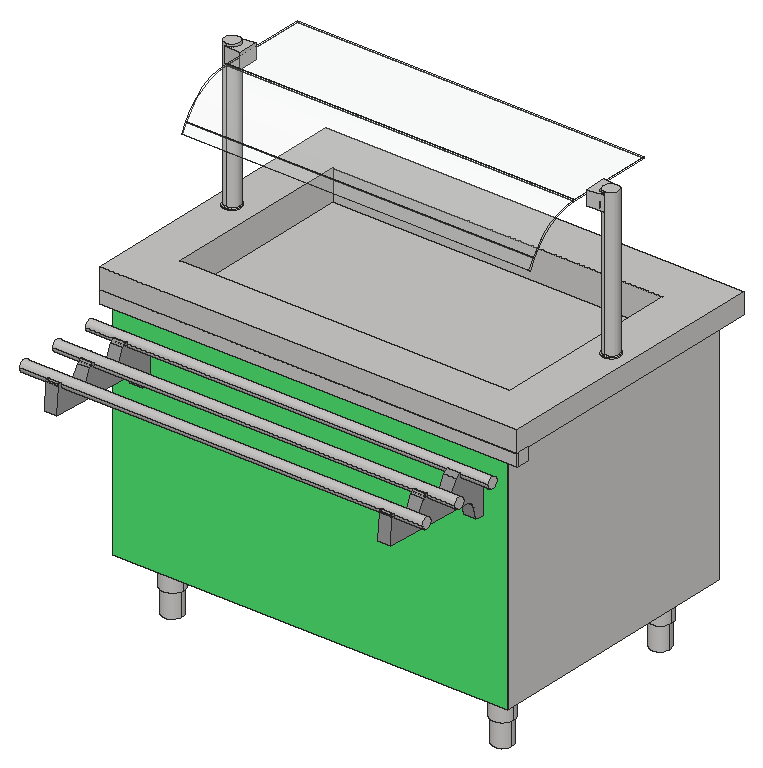
Revit family "QF_BOURGEAT_Self_meuble_cuve_froid_statique_baie_libre_3GN", category Equipement spécialisé, Revit 2015 (continued)
Definition of nested family "barre_et_console"
  Definition of nested family "console"
    Automatic sketch dimensions
      Extrusion 2 sketch curve to Extrusion 2 sketch curve = 0.533 mm
      Extrusion 2 sketch curve to Extrusion 2 sketch curve = 0.511 mm
      Extrusion 2 sketch curve to Extrusion 2 sketch curve = 0.622 mm
      Extrusion 2 sketch curve to Extrusion 2 sketch curve = 4.82 mm
      Extrusion 2 sketch curve to Extrusion 2 sketch curve = 34.82 mm
      Extrusion 2 sketch curve to Extrusion 2 sketch curve = 76.232 mm
      Extrusion 2 sketch curve to Extrusion 2 sketch curve = 37.038 mm
      Extrusion 2 sketch curve to Extrusion 2 sketch curve = 39.239 mm
      Extrusion 2 sketch curve to Extrusion 2 sketch curve = 30.803 mm
      Extrusion 2 sketch curve to Extrusion 2 sketch curve = 34.743 mm
      Extrusion 2 sketch curve to Extrusion 2 sketch curve = 0.23 mm
      Extrusion 2 sketch curve to Extrusion 2 sketch curve = 36.015 mm
      Extrusion 2 sketch curve to Extrusion 2 sketch curve = 2.071 mm
      Extrusion 2 sketch curve to Extrusion 2 sketch curve = 7.575 mm
  Definition of nested family "barre"
    Parameters (values of type "barre")
      lg_barre = 1165 mm
    Reference planes
      plane 1 "Centre (avant/arrière)": y = 0
      plane 2: z = 0
      plane 3 "Centre (gauche/droite)": x = 0
      plane 4: x = 70
      plane 5: x = 190
      plane 6: x = 309
      plane 7: z = 300.963
      plane 8: z = 94.658
      plane 9: y = 0
      plane 10: y = 1165
    Forms (mm)
      Extrusion 1, solid
        sketch origin (0, 0, 0) x (1, 0, 0) y (0, 0, 1)
          loop
            circle (70, 300.963) r 15
          loop
            circle (190, 300.963) r 15
          loop
            circle (309, 300.963) r 15
        from 0 to -1165
    Dimensions and locks
      plane 4 to plane 3 "Centre (gauche/droite)" = 70 mm
      plane 6 to plane 5 to plane 4 = 119 mm, 120 mm
      "lg_barre": plane 10 to plane 1 "Centre (avant/arrière)"
      aligned and locked: level to plane 2
      aligned and locked: Extrusion 1 to plane 9
      aligned and locked: plane 9 to plane 1 "Centre (avant/arrière)"
      aligned and locked: plane 10 to Extrusion 1
    Automatic sketch dimensions
      Extrusion 1 sketch curve to plane 4 = 0 mm
      Extrusion 1 sketch curve to plane 5 = 0 mm
      Extrusion 1 sketch curve to plane 6 = 0 mm
      Extrusion 1 sketch curve to plane 7 = 0 mm  (x3)
      radius of Extrusion 1 sketch curve = 15 mm  (x3)
Types (25, lengths in mm): name | profondeur_cuve | presentoir | etageres | Roues | Puissance électrique  | Poids net à vide | Pieds | Modèle | Intensité nominale
  (no name) | 90 | yes | no | no | 724 W | 215.00 kg | yes | "853093 + 853323" | 3.14783 A
  baie _libre_cuve30 | 30 | no | no | no | 700 W | 200.00 kg | yes | "853033" | 3.04348 A
  baie _libre_cuve90 | 90 | no | no | no | 700 W | 200.00 kg | yes | "853093" | 3.04348 A
  baie _libre_cuve30_presentoir_lampe_fluorecente | 30 | yes | no | no | 724 W | 215.00 kg | yes | "853033 + 853313" | 3.14783 A
  baie _libre_cuve30_presentoir_lampe_LED | 30 | yes | no | no | 724 W | 215.00 kg | yes | "853033 + 853323" | 3.14783 A
  baie _libre_cuve90_presentoir_lampe_fluorecente | 90 | yes | no | no | 724 W | 215.00 kg | yes | "853093 + 853313" | 3.14783 A
  baie _libre_cuve90_presentoir_lampe_LED | 90 | yes | no | no | 724 W | 215.00 kg | yes | "853093 + 853323" | 3.14783 A
  baie _libre_cuve30_roues | 30 | no | no | yes | 700 W | 200.00 kg | no | "853033 + 854950" | 3.04348 A
  baie _libre_cuve90_roues | 90 | no | no | yes | 700 W | 200.00 kg | no | "853093 + 854950" | 3.04348 A
  baie _libre_cuve30_etageres | 30 | no | yes | no | 700 W | 200.00 kg | yes | "853033 + 854913" | 3.04348 A
  baie _libre_cuve90_etageres | 90 | no | yes | no | 700 W | 200.00 kg | yes | "853093 + 854913" | 3.04348 A
  baie _libre_cuve30_presentoir_lampe_fluorecente_etageres | 30 | yes | yes | no | 724 W | 215.00 kg | yes | "853033 + 853313 + 854913" | 3.14783 A
  baie _libre_cuve30_presentoir_lampe_LED_etageres | 30 | yes | yes | no | 724 W | 215.00 kg | yes | "853033 + 853323 +854913" | 3.14783 A
  baie _libre_cuve90_presentoir_lampe_fluorecente_etageres | 90 | yes | yes | no | 724 W | 215.00 kg | yes | "853093 + 853313 + 854913" | 3.14783 A
  baie _libre_cuve90_presentoir_lampe_LED_etageres | 90 | yes | yes | no | 724 W | 215.00 kg | yes | "853093 + 853323 + 854913" | 3.14783 A
  baie _libre_cuve30_presentoir_lampe_fluorecente_roues | 30 | yes | no | yes | 724 W | 215.00 kg | no | "853033 + 853313 + 854950" | 3.14783 A
  baie _libre_cuve30_presentoir_lampe_LED_roues | 30 | yes | no | yes | 724 W | 215.00 kg | no | "853033 + 853323 + 854950" | 3.14783 A
  baie _libre_cuve90_presentoir_lampe_fluorecente_roues | 90 | yes | no | yes | 724 W | 215.00 kg | no | "853093 + 853313 + 854950" | 3.14783 A
  baie _libre_cuve90_presentoir_lampe_LED_roues | 90 | yes | no | yes | 724 W | 215.00 kg | no | "853093 + 853323 + 854950" | 3.14783 A
  baie _libre_cuve30_etageres_roues | 30 | no | yes | yes | 700 W | 200.00 kg | no | "853033 + 854913" | 3.04348 A
  baie _libre_cuve90_etageres_roues | 90 | no | yes | yes | 700 W | 200.00 kg | no | "853093 + 854913 + 854950" | 3.04348 A
  baie _libre_cuve30_presentoir_lampe_fluorecente_etageres_roues | 30 | yes | yes | yes | 724 W | 215.00 kg | no | "853033 + 853313 + 854913 + 854950" | 3.14783 A
  baie _libre_cuve30_presentoir_lampe_LED_etageres_roues | 30 | yes | yes | yes | 724 W | 215.00 kg | no | "853033 + 853323 +854913 + 854950" | 3.14783 A
  baie _libre_cuve90_presentoir_lampe_fluorecente_etageres_roues | 90 | yes | yes | yes | 724 W | 215.00 kg | no | "853093 + 853313 + 854913 + 854950" | 3.14783 A
  baie _libre_cuve90_presentoir_lampe_LED_etageres_roues | 90 | yes | yes | yes | 724 W | 215.00 kg | no | "853093 + 853323 + 854913 + 854950" | 3.14783 A
